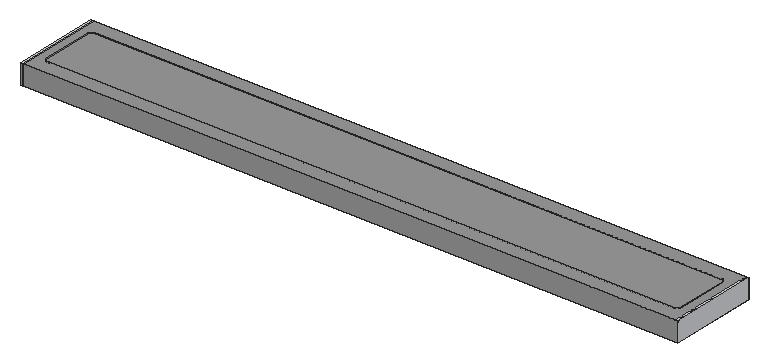
Revit family "2021705", category Lighting Fixtures, host Face, Revit 2018
Family settings
  Host = Face
  Round Connector Dimension = Use Diameter
  Part Type = Normal
  OmniClass Number = 23.80.70.00
  OmniClass Title = Lighting
  Cut with Voids When Loaded = No
  Light Source = Yes
  Shared = No
  Room Calculation Point = No
Parameters (values of type "2021705 OPTIX S 1500 MPO D 4K DA EM")
  spacer height = 5 mm
  spacer centres = 1000 mm
  lens width = 1135 mm
  full length = 1500 mm
  Width = 200 mm
  Weight = "n/a"
  Wattage Comments = ""
  Wattage = 9.2903 W
  WarrantyStartDate [instance] = "n/a"
  WarrantyGuarantorParts = "n/a"
  WarrantyDurationUnit = "n/a"
  WarrantyDurationParts = ""
  WarrantyDescription = "http://www.sylvania-lighting.com"
  built-in parameter 1150110 = 1 (stored number, unit not read)
  Voltage = 0 V
  URL = "1"
  TypeName = "OPTIX SURFACE 1500 MPO D 4000K DALI EM"
  Type Image = <None>
  Type Comments = "n/a"
  built-in parameter 1114217 = 1 (stored number, unit not read)
  Tilt Angle = 90.00°
  built-in parameter 1150109 = 1 (stored number, unit not read)
  built-in parameter 1150134 = 3
  built-in parameter 1150113 = 1 (stored number, unit not read)
  SerialNumber [instance] = "n/a"
  Photometric Web File = "2021705.ies"
  Material_3_FEILO = none
  PowerFactor = 0
  PowerConsumption = "Lighting"
  NominalLength = 200 mm
  NominalHeight = 0 mm
  NominalDepth = 0 mm
  Name = "OPTIX SURFACE 1500 MPO D 4000K DALI EM"
  ModelReference = Name  # "OPTIX SURFACE 1500 MPO D 4000K DALI EM"
  ModelNumber = "2021705"
  Model = Name  # "OPTIX SURFACE 1500 MPO D 4000K DALI EM"
  Material = "Feilo Sylvania"
  ManufacturerName = "114 lm/W"
  Manufacturer = ""
  LuminousEfficacy = ""
  built-in parameter 1150105 = 109.82 (stored number, unit not read)
  Lumens = 1380 lm
  LuminaireType = "0"
  built-in parameter 1150115 = 1 (stored number, unit not read)
  LightOutputRatio = "LED"
  built-in parameter 1150137 = (empty or 0)
  built-in parameter 1150139 = (empty or 0)
  Lens Width = 135 mm
  Length = 1188 mm
  LampsType = Lamp  # "n/a"
  LampNominalLuminous = "4000 K"
  LampMacAdamStep = "80"
  LampColourTemperature = "LED"
  LampColourRenderingIndex = "16500"
  built-in parameter 1150112 = 1 (stored number, unit not read)
  built-in parameter 1150114 = 1 (stored number, unit not read)
  Lamp = "n/a"
  Keynote = "n/a"
  InstallationDate [instance] = "n/a"
  InputVoltage = "0"
  InputNominalFrequency = "4000"
  built-in parameter 1150132 = (empty or 0)
  built-in parameter 1150102 = (empty or 0)
  built-in parameter 1150107 = 3200 (stored number, unit not read)
  built-in parameter 1150138 = (empty or 0)
  IngressProtection = "IfcLightFixtureType"
  ImpactProtectionIndex = "IfcLightFixtureType"
  built-in parameter 1150106 = 1.0982 (stored number, unit not read)
  IfcExportType = "IfcLightFixtureType"
  IfcExportAs = "Class I"
  Height = 50 mm
  ExpectedLife = 50000
  Emit from Circle Diameter = 609.6 mm
  Emit Shape Visible in Rendering = no
  ElectricShockClassification = "114"
  built-in parameter 1150104 = 13.8 (stored number, unit not read)
  DurationUnit = "hours"
  DocumentationLiterature = "http://www.sylvania-lighting.com/product/en-int/products/2021705"
  DimmingControlOptions = "n/a"
  Material_2_FEILO = none
  Dimming Lamp Color Temperature Shift = <None>
  Description = "OPTIX SURFACE 1500 MPO D 4000K DALI EM is a high efficacy low glare surface or suspended LED Linear luminaire with Micro Prismatic diffuser, with direct light distribution, luminaire dimensions: 1500x200x50mm, Sylvania White body colour (RAL9016), IP20, IK07, DALI dimmable, 3hr maintained emergency version, low LED flicker (+/-5%), Neutral White (4000K) LED Colour Temperature, 4350lm luminous flux, 38W power consumption, 114lm/W system efficacy, CRI>80, SDCM 3 (3-step MacAdam ellipse) LED Colour Consistency, UGR<20, Luminance at 65° < 3000 cd/m2, lumen maintenance: L90B50 at 71000h, photobiological safety risk group 1. Electrical protection Class I."
  Default Elevation = 1219.2 mm
  CreatedOn = "31/01/2022"
  CreatedBy = "@sylvania-lighting.com"
  Cost = 0
  Color Filter = 16777215
  built-in parameter 1114216 [instance] = (empty or 0)
  ClassificationValue = "EF_70_80"
  ClassificationName = "Uniclass2015"
  Material_1_FEILO = none
  BarCode [instance] = "n/a"
  built-in parameter 1114218 = 1 (stored number, unit not read)
  built-in parameter 1150133 = 10 (stored number, unit not read)
  AssetType = "Fixed"
  AssetIdentifier [instance] = "n/a"
  Assembly Code = "D5020200"
  Apparent Load = 38 VA
  Material_4_FEILO = none
Reference planes
  plane 1 "Center (Front/Back)": y = 0
  plane 2: z = 0
  plane 3 "Center (Left/Right)": x = 0
  plane 4: z = 0
  plane 5: z = 50
  plane 6: y = 100
  plane 7: y = -100
  plane 8: x = -594
  plane 9: x = 594
  plane 10: z = 5
  plane 11: x = -500
  plane 12: x = 500
  plane 13: y = 10
  plane 14: y = -10
  plane 15: x = 487.5
  plane 16: x = 512.5
  plane 17: x = -512.5
  plane 18: x = -487.5
  plane 19: x = -567.5
  plane 20: x = 567.5
  plane 21: y = 67.5
  plane 22: y = -67.5
  plane 23: x = -557.5
  plane 24: y = 57.5
  plane 25: y = -57.5
  plane 26: x = 557.5
  plane 27: x = -750
  plane 28: x = 750
  plane 29: x = -700.314
  plane 30: x = 723.5
  plane 31: x = -671.814
  plane 32: x = 695
  plane 33: x = -744
  plane 34: x = 744
Forms (mm)
  Extrusion 1, solid, material "Aluminum 1100-H18", detail levels medium+fine
    sketch origin (4.2, 0, 0) x (1, 0, 0) y (0, 1, 0)
      loop
        line (-754.2, 100) -> (-754.2, -100) -> (745.8, -100) -> (745.8, 100) -> (-754.2, 100)
    from 5 to 50
  Extrusion 2, solid
    sketch origin (186.707, 0, 0) x (1, 0, 0) y (0, 1, 0)
      loop
        line (483.3, 10) -> (483.3, -10) -> (508.3, -10) -> (508.3, 10) -> (483.3, 10)
    from 0 to 5
  Extrusion 3, solid
    sketch origin (-155.18, 0, 0) x (1, 0, 0) y (0, 1, 0)
      loop
        line (-516.7, 10) -> (-516.7, -10) -> (-491.7, -10) -> (-491.7, 10) -> (-516.7, 10)
    from 0 to 5
  Extrusion 4, void, detail levels fine
    sketch origin (4.2, 0, 0) x (0, 1, 0) y (1, 0, 0)
      loop
        line (67.5, -717.7) -> (67.5, 709.3)
        arc (67.5, 709.3) -> (64.571, 716.371) -> (57.5, 719.3) r 10
        line (57.5, 719.3) -> (-57.5, 719.3)
        arc (-57.5, 719.3) -> (-64.571, 716.371) -> (-67.5, 709.3) r 10
        line (-67.5, 709.3) -> (-67.5, -717.7)
        arc (-67.5, -717.7) -> (-64.571, -724.771) -> (-57.5, -727.7) r 10
        line (-57.5, -727.7) -> (57.5, -727.7)
        arc (57.5, -727.7) -> (64.571, -724.771) -> (67.5, -717.7) r 10
    from -50 to -48
  Extrusion 5, solid, detail levels medium+fine
    sketch origin (4.2, 0, 0) x (1, 0, 0) y (0, 1, 0)
      loop
        line (-754.2, 100) -> (-754.2, -100) -> (-748.2, -100) -> (-748.2, 100) -> (-754.2, 100)
    from 5 to 50
  Extrusion 6, solid, detail levels medium+fine
    sketch origin (4.2, 0, 0) x (1, 0, 0) y (0, 1, 0)
      loop
        line (739.8, 100) -> (739.8, -100) -> (745.8, -100) -> (745.8, 100) -> (739.8, 100)
    from 5 to 50
  Extrusion 7, solid, material "Glass, White, High Luminance", detail levels fine
    sketch origin (4.2, 0, 0) x (1, 0, 0) y (0, 1, 0)
      loop
        arc (-717.7, 67.5) -> (-724.771, 64.571) -> (-727.7, 57.5) r 10
        line (-727.7, 57.5) -> (-727.7, -57.5)
        arc (-727.7, -57.5) -> (-724.771, -64.571) -> (-717.7, -67.5) r 10
        line (-717.7, -67.5) -> (709.3, -67.5)
        arc (709.3, -67.5) -> (716.371, -64.571) -> (719.3, -57.5) r 10
        line (719.3, -57.5) -> (719.3, 57.5)
        arc (719.3, 57.5) -> (716.371, 64.571) -> (709.3, 67.5) r 10
        line (709.3, 67.5) -> (-717.7, 67.5)
    from 48 to 49.5
  Extrusion 8, solid, detail levels coarse
    sketch origin (4.2, 0, 0) x (1, 0, 0) y (0, 1, 0)
      loop
        line (-754.2, 100) -> (-754.2, -100) -> (745.8, -100) -> (745.8, 100) -> (-754.2, 100)
    from 0 to 50
Cuts and joins
  Extrusion 4 cuts Extrusion 2
  Extrusion 4 cuts Extrusion 3
  Extrusion 4 cuts Extrusion 1
Dimensions and locks
  "Width": plane 6 to plane 7
  equal spacing: plane 6, plane 1 "Center (Front/Back)", plane 7
  "Length": plane 8 to plane 9
  equal spacing: plane 8, plane 3 "Center (Left/Right)", plane 9
  "spacer height": plane 10 to host face
  "Height": plane 5 to level
  "spacer centres": plane 11 to plane 12
  equal spacing: plane 11, plane 3 "Center (Left/Right)", plane 12
  "lens width": plane 19 to plane 20
  equal spacing: plane 19, plane 3 "Center (Left/Right)", plane 20
  "Lens Width": plane 21 to plane 22
  equal spacing: plane 21, plane 1 "Center (Front/Back)", plane 22
  "full length": plane 27 to plane 28
  equal spacing: plane 27, plane 3 "Center (Left/Right)", plane 28
  aligned and locked: plane 2 to host face
  aligned and locked: level to host face
Automatic sketch dimensions
  host sketch curve to host sketch curve = 2438.4 mm  (x2)
  Extrusion 1 sketch curve to plane 7 = 0 mm
  Extrusion 1 sketch curve to plane 8 = 156 mm
  plane 9 to Extrusion 1 sketch curve = 156 mm
  Extrusion 1 sketch curve to plane 6 = 0 mm
  Extrusion 2 sketch curve to plane 14 = 0 mm
  plane 15 to Extrusion 2 sketch curve = 182.507 mm
  plane 16 to Extrusion 2 sketch curve = 182.507 mm
  Extrusion 2 sketch curve to plane 13 = 0 mm
  Extrusion 3 sketch curve to plane 14 = 0 mm
  Extrusion 3 sketch curve to plane 17 = 159.38 mm
  Extrusion 3 sketch curve to plane 18 = 159.38 mm
  Extrusion 3 sketch curve to plane 13 = 0 mm
  Extrusion 4 sketch curve to plane 22 = 0 mm
  Extrusion 4 sketch curve to plane 19 = 156 mm
  Extrusion 4 sketch curve to plane 25 = 0 mm  (x2)
  plane 20 to Extrusion 4 sketch curve = 156 mm
  Extrusion 4 sketch curve to plane 24 = 0 mm  (x2)
  Extrusion 4 sketch curve to plane 23 = 156 mm
  Extrusion 5 sketch curve to plane 7 = 0 mm
  Extrusion 5 sketch curve to plane 27 = 0 mm
  Extrusion 5 sketch curve to plane 8 = 150 mm
  Extrusion 5 sketch curve to plane 6 = 0 mm
  Extrusion 6 sketch curve to plane 7 = 0 mm
  plane 9 to Extrusion 6 sketch curve = 150 mm
  Extrusion 6 sketch curve to plane 28 = 0 mm
  Extrusion 6 sketch curve to plane 6 = 0 mm
  Extrusion 7 sketch curve to plane 23 = 156 mm  (x2)
  Extrusion 7 sketch curve to plane 21 = 0 mm
  Extrusion 7 sketch curve to plane 22 = 0 mm
  plane 26 to Extrusion 7 sketch curve = 156 mm  (x2)
  plane 20 to Extrusion 7 sketch curve = 156 mm
  Extrusion 7 sketch curve to plane 24 = 0 mm
  Extrusion 8 sketch curve to plane 7 = 0 mm
  Extrusion 8 sketch curve to plane 27 = 0 mm
  Extrusion 8 sketch curve to plane 28 = 0 mm
  Extrusion 8 sketch curve to plane 6 = 0 mm
Connectors
  electrical at (0, 0, 0), driven by "Apparent Load", driven by "PowerFactor", driven by "Voltage"
    settings: index 1, voltage 0 V, apparent load 38 VA, apparent load phase1 0 VA, apparent load phase2 0 VA, apparent load phase3 0 VA, power factor 0, load classification "Lighting", number of poles 1, system type 30, power factor state 1, is connector primary yes, connector utility no, sub classification motor no, connector description ""
